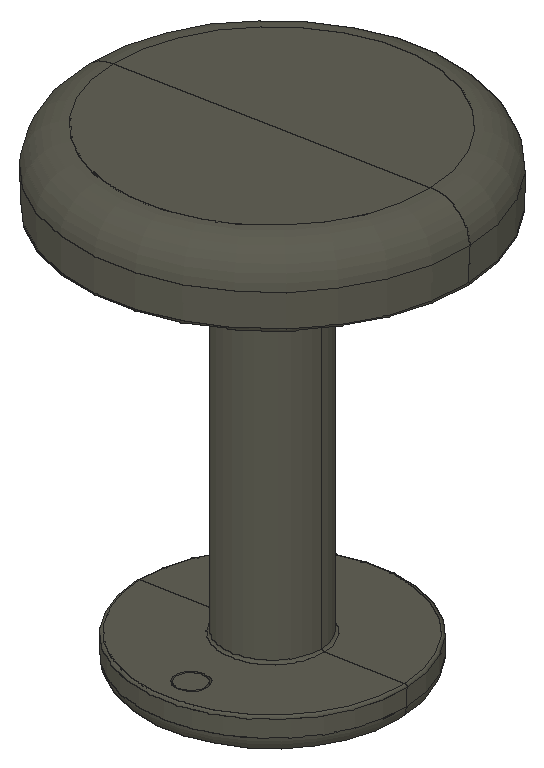
Revit family "Allermuir_Pinn_UK_Rvt23", category Furniture, Revit 2023
Family settings
  OmniClass Number = 23.40.20.00
  OmniClass Title = General Furniture and Specialties
  Work Plane-Based = No
  Enable Cutting in Views = No
  Always vertical = Yes
  Cut with Voids When Loaded = No
  Render Appearance Source = Family Geometry
  Shared = No
  Room Calculation Point = No
Parameters (values of type "PINNAL")
  Weight = 0.80 kg
  WarrantyStartDate [instance] = "1900-12-31T23:59:59"
  WarrantyGuarantorParts = "sales@thesenatorgroup.com"  # constant formula
  WarrantyGuarantorLabor = "n/a"  # constant formula
  WarrantyDurationUnit = "year"  # constant formula
  WarrantyDurationParts = "10"
  WarrantyDurationLabor = "n/a"  # constant formula
  WarrantyDescription = "Allermuir warrant that its manufactured products are free from manufacturing defects - in materials or workmanship - for a period of ten (10) years. Allermuir will repair, or replace (at Allermuir's sole discretion) with comparable free of charge materials / components, any product / component which fails under normal use in a single shift environment, as a result of a defect in the materials and/ or workmanship."  # constant formula
  Version = "1"
  Usage = "n/a"  # constant formula
  Uniclass2015Version = "Products v1.9"
  Uniclass2015Title = "Free Standing Luminaires"
  Uniclass2015Code = "Pr_70_70_48_32"
  URL = "https://www.allermuir.com/en-GB"
  Type IFC Predefined Type = "USERDEFINED"
  TagNumber [instance] = "n/a"
  SustainabilityPerformance = ""
  Style = "n/a"
  Status = "UNSET"
  StandardsSafetyRequirements = ""
  StandardsDurability = ""
  StandardsDimensions = ""
  Size = "160.0mm (W) x 160.0mm (D) x 201.0mm (H)"
  Shape = ""
  SerialNumber [instance] = "n/a"
  Revision = "0"
  ReplacementCost = ""
  Reference = "n/a"
  Recycleability = ""
  ProductInformation = "https://www.allermuir.com/"
  Overall Width = 161.023 mm
  Overall Height = 201.15 mm
  Overall Depth = 161.023 mm
  OmniClassVersion = ""
  OmniClassTitle = ""
  OmniClassCode = ""
  NominalWidth = 160 mm
  NominalHeight = 205 mm
  NominalDepth = 160 mm
  Name = ""
  NBSReference = "90-60-50/405"
  NBSDescription = "Free Standing Luminaires"
  NBSCertification = ""
  ModelReference = "Pinn"
  ModelNumber = "PINNAL"
  Model = ModelNumber  # "PINNAL"
  Material = "Aluminium"
  ManufacturerURL = "https://www.allermuir.com/en-GB"
  ManufacturerName = "Allermuir"  # constant formula
  Manufacturer Phone = "+44 (0)1282 725000"  # constant formula
  Manufacturer Fax = ""
  Manufacturer Email = "mailto: sales@thesenatorgroup.com"
  Manufacturer Address = "Altham Business Park, Accrington , BB5 5YE , United Kingdom"  # constant formula
  Manufacturer = ManufacturerName  # "Allermuir"
  MainColor = "n/a"  # constant formula
  IsBuiltIn = no
  IntegralAccessories = "n/a"  # constant formula
  InstallationDate [instance] = "1900-12-31T23:59:59"
  IfcExportType = "USERDEFINED"
  IfcExportAs = "IfcFurnitureType"  # constant formula
  Grade = ""
  FramesMaterial = "Aluminum"
  FramesFinishOptions = "Tobacco, Ercu"
  FramesFinish = "Powder Coat"
  Frame Finish [instance] = The Senator Group - Paint - Tobacco
  Finish = ""
  Features = "Has 3 Stage touch dimmable. 180lm output at max brightness & 2700k colour temperature. Come with USB-C Charging (cable incuded) 10hr battery life, 6hr charging time. IP44 rated (splashproof)."
  Export Type to IFC As = "IfcFurnitureType"
  ExpectedLife = "n/a"
  DurationUnit = "year"  # constant formula
  Description = ModelReference  # "Pinn"
  Default Elevation = 0 mm
  Constituents = "n/a"  # constant formula
  CodePerformance = ""
  Category = "Pr_70_70_48_32"
  BarCode [instance] = "n/a"
  BIMObjectName = "Allermuir Pinn UK"
  Author = "Allermuir"  # constant formula
  AssetType = "Moveable"
  AssetIdentifier [instance] = "n/a"
  Assembly Code = "E2020200"
  AccessibilityPerformance = "n/a"  # constant formula
Reference planes
  plane 1 "Center (Front/Back)": y = 14.717
  plane 2: z = 0
  plane 3 "Center (Left/Right)": x = -1.329
  plane 4 "Left": x = -81.84
  plane 5 "Right": x = 79.183
  plane 6 "Front": y = -65.794
  plane 7 "Back": y = 95.229
  plane 8 "Top": z = 201.15
Forms (mm)
  Revolve 1, solid, material "The Senator Group - Paint - Tobacco" <- "Frame Finish"
    sketch origin (-81.327, 14.717, 0) x (1, 0, 0) y (0, 0, 1)
      loop
        line (79.998, 201.143) -> (79.998, 171) -> (159.366, 171)
        arc (159.366, 171) -> (160.066, 171.285) -> (160.366, 171.979) r 1
        line (160.366, 171.979) -> (160.51, 185.429)
        arc (160.51, 185.429) -> (155.907, 196.541) -> (144.796, 201.143) r 15.714
        line (144.796, 201.143) -> (79.998, 201.143)
      axis (79.998, 201.143) -> (79.998, 171)
    angle from 0 to 360
  Revolve 2, solid, material "The Senator Group - Paint - Tobacco" <- "Frame Finish"
    sketch origin (-81.327, 14.717, 0) x (1, 0, 0) y (0, 0, 1)
      loop
        line (79.998, 171) -> (79.998, 1) -> (127.047, 1)
        arc (127.047, 1) -> (132.386, 3.022) -> (135.047, 8.075) r 8.061
        line (135.047, 8.075) -> (135.047, 15)
        arc (135.047, 15) -> (134.754, 15.707) -> (134.047, 16) r 1
        line (134.047, 16) -> (101.076, 16)
        arc (101.076, 16) -> (100.369, 16.293) -> (100.076, 17) r 1
        line (100.076, 17) -> (100.076, 171) -> (79.998, 171)
      axis (79.998, 1) -> (79.998, 171)
    angle from 0 to 360
  Sweep 3, solid, material "The Senator Group - Paint - Tobacco" <- "Frame Finish"
    path origin (-81.327, 14.717, 0) x (1, 0, 0) y (0, 0, 1)
      loop
        line (79.998, 0) -> (79.998, 1)
    profile origin (-1.329, 14.717, 0.5) x (-1, 0, 0) y (0, -1, 0)
      loop
        circle (0, 0) r 45
      loop
        circle (0, 0) r 24.903
  Sweep 4, void
    path origin (-81.327, 14.717, 0) x (1, 0, 0) y (0, 0, 1)
      loop
        line (79.998, 13) -> (79.998, 17)
    profile origin (-1.329, 14.717, 15) x (-1, 0, 0) y (0, -1, 0)
      loop
        circle (0, 41.449) r 5.795
      loop
        circle (0, 41.449) r 6.5
Cuts and joins
  Sweep 4 cuts Revolve 2
  joined: Revolve 2, Sweep 3
Lines and regions (mm)
  Masking region 1
    outline origin (-81.327, 96.62, 0) x (1, 0, 0) y (0, 1, 0)
      loop
        circle (79.998, -81.902) r 80.511
  symbolic lines, style "FurnitureHiddenLines", detail levels medium+fine
    curve 1: arc (-46.329, 14.717, 0) -> (-1.329, 59.717, 0) -> (43.671, 14.717, 0) r 45
    curve 2: arc (43.671, 14.717, 0) -> (-1.329, -30.283, 0) -> (-46.329, 14.717, 0) r 45
    curve 3: arc (-26.232, 14.717, 0) -> (-1.329, -10.186, 0) -> (23.575, 14.717, 0) r 24.903
    curve 4: arc (-21.407, 14.717, 0) -> (-1.329, -5.36, 0) -> (18.749, 14.717, 0) r 20.078
    curve 5: arc (18.749, 14.717, 0) -> (-1.329, 34.795, 0) -> (-21.407, 14.717, 0) r 20.078
    curve 6: arc (23.575, 14.717, 0) -> (-1.329, 39.621, 0) -> (-26.232, 14.717, 0) r 24.903
    curve 7: arc (-7.829, -26.731, 0) -> (-1.329, -20.231, 0) -> (5.171, -26.731, 0) r 6.5
    curve 8: arc (4.466, -26.731, 0) -> (-1.329, -20.936, 0) -> (-7.124, -26.731, 0) r 5.795
    curve 9: arc (-7.124, -26.731, 0) -> (-1.329, -32.526, 0) -> (4.466, -26.731, 0) r 5.795
    curve 10: arc (5.171, -26.731, 0) -> (-1.329, -33.231, 0) -> (-7.829, -26.731, 0) r 6.5
    curve 11: arc (-56.377, 14.717, 0) -> (-1.329, -40.331, 0) -> (53.72, 14.717, 0) r 55.048
    curve 12: arc (53.72, 14.717, 0) -> (-1.329, 69.766, 0) -> (-56.377, 14.717, 0) r 55.048
Dimensions and locks
  equal spacing: plane 7 "Back", plane 1 "Center (Front/Back)", plane 6 "Front"
  equal spacing: plane 4 "Left", plane 3 "Center (Left/Right)", plane 5 "Right"
  "Overall Depth": plane 7 "Back" to plane 6 "Front"
  "Overall Width": plane 4 "Left" to plane 5 "Right"
  "Overall Height": plane 8 "Top" to plane 2
  aligned and locked: level to plane 2
Automatic sketch dimensions
  curve 1 to curve 2 = 0 mm  (x2)
  curve 3 to curve 6 = 0 mm  (x2)
  curve 4 to curve 5 = 0 mm  (x2)
  curve 4 to curve 11 = 0 mm  (x2)
  curve 4 to curve 12 = 0 mm  (x2)
  curve 5 to curve 11 = 0 mm  (x2)
  curve 5 to curve 12 = 0 mm  (x2)
  curve 7 to curve 8 = 0 mm  (x2)
  curve 7 to curve 9 = 0 mm  (x2)
  curve 7 to curve 10 = 0 mm  (x2)
  curve 8 to curve 9 = 0 mm  (x2)
  curve 8 to curve 10 = 0 mm  (x2)
  curve 9 to curve 10 = 0 mm  (x2)
  curve 11 to curve 12 = 0 mm  (x2)
  plane 1 "Center (Front/Back)" to curve 11 = 0 mm
  plane 1 "Center (Front/Back)" to curve 2 = 0 mm
  curve 5 to plane 3 "Center (Left/Right)" = 0 mm
  plane 3 "Center (Left/Right)" to curve 3 = 0 mm
  plane 3 "Center (Left/Right)" to curve 7 = 0 mm
  curve 4 to curve 2 = 0 mm
  curve 8 to curve 1 = 41.449 mm
  curve 2 to curve 6 = 0 mm
  curve 8 to plane 3 "Center (Left/Right)" = 5.795 mm
  curve 7 to curve 8 = 0.705 mm
  curve 4 to plane 3 "Center (Left/Right)" = 20.078 mm
  curve 6 to curve 4 = 4.825 mm
  curve 1 to curve 3 = 20.097 mm
  curve 12 to curve 1 = 10.048 mm
  Revolve 1 sketch curve to plane 3 "Center (Left/Right)" = 0 mm  (x2)
  Revolve 1 sketch curve to Revolve 1 sketch curve = 64.798 mm
  Revolve 1 sketch curve to Revolve 1 sketch curve = 14.571 mm
  Revolve 1 sketch curve to Revolve 1 sketch curve = 1 mm
  Revolve 1 sketch curve to Revolve 1 sketch curve = 0.144 mm
  level to Revolve 1 sketch curve = 171 mm
  Revolve 1 sketch curve to Revolve 1 sketch curve = 0.979 mm
  Revolve 1 sketch curve to Revolve 1 sketch curve = 13.451 mm
  Revolve 1 sketch curve to Revolve 1 sketch curve = 26.536 mm
  Revolve 1 sketch curve to Revolve 1 sketch curve = 13.32 mm
  Revolve 2 sketch curve to plane 3 "Center (Left/Right)" = 0 mm  (x2)
  plane 3 "Center (Left/Right)" to Revolve 2 sketch curve = 20.078 mm
  Revolve 2 sketch curve to Revolve 2 sketch curve = 1 mm  (x2)
  level to Revolve 2 sketch curve = 9.061 mm
  Revolve 2 sketch curve to Revolve 2 sketch curve = 25.971 mm
  Revolve 2 sketch curve to Revolve 2 sketch curve = 7 mm
  Revolve 2 sketch curve to Revolve 2 sketch curve = 0.986 mm
  Revolve 2 sketch curve to Revolve 2 sketch curve = 6.925 mm
  Revolve 2 sketch curve to Revolve 2 sketch curve = 154 mm
  Revolve 2 sketch curve to level = 28.412 mm
  Revolve 2 sketch curve to Revolve 2 sketch curve = 40.588 mm
  Sweep 3 sketch curve to plane 3 "Center (Left/Right)" = 0 mm
  Sweep 3 sketch curve to level = 0 mm
  level to Sweep 3 sketch curve = 1 mm
  Sweep 3 sketch curve to Sweep 3 sketch curve = 0 mm  (x5)
  profile plane to Sweep 3 sketch curve = 0 mm  (x3)
  Sweep 3 sketch curve to Sweep 3 sketch curve = 24.903 mm
  Sweep 3 sketch curve to Sweep 3 sketch curve = 20.097 mm
  Sweep 4 sketch curve to plane 3 "Center (Left/Right)" = 0 mm
  level to Sweep 4 sketch curve = 13 mm
  Sweep 4 sketch curve to Sweep 4 sketch curve = 4 mm
  Sweep 4 sketch curve to Sweep 4 sketch curve = 0 mm  (x12)
  profile plane to Sweep 4 sketch curve = 0 mm
  profile plane to Sweep 4 sketch curve = 41.449 mm
  Sweep 4 sketch curve to Sweep 4 sketch curve = 5.795 mm
  Sweep 4 sketch curve to Sweep 4 sketch curve = 0.705 mm
  Masking region 1 sketch curve to Masking region 1 sketch curve = 0 mm  (x2)
  plane 1 "Center (Front/Back)" to Masking region 1 sketch curve = 0 mm
  Masking region 1 sketch curve to plane 3 "Center (Left/Right)" = 0 mm
  Masking region 1 sketch curve to plane 3 "Center (Left/Right)" = 80.511 mm
